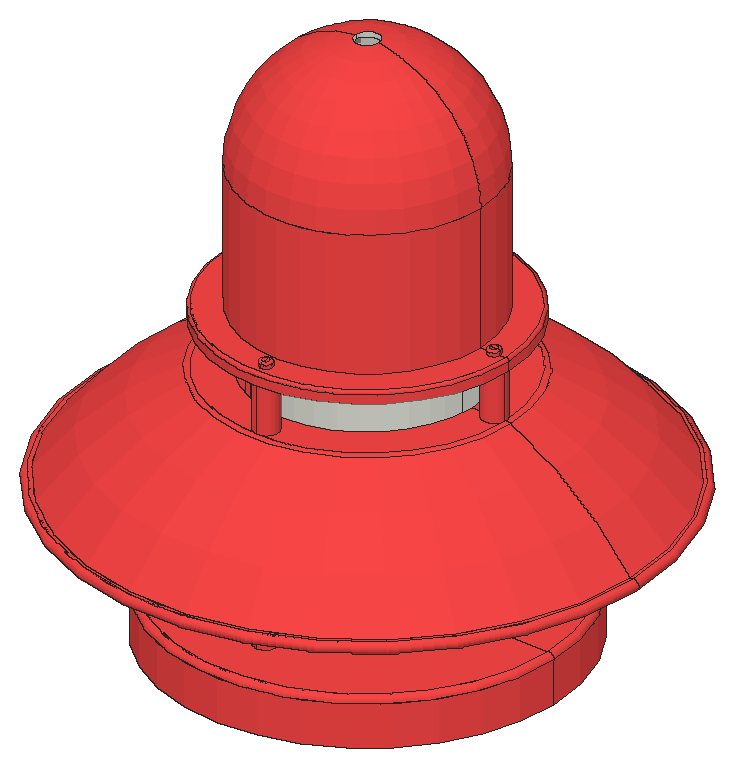
Revit family "LCD12 SHADE", category Lighting Fixtures, Revit 2024
Family settings
  Round Connector Dimension = Use Diameter
  Part Type = Normal
  OmniClass Number = 23.80.70.00
  OmniClass Title = Lighting
  Work Plane-Based = No
  Always vertical = Yes
  Cut with Voids When Loaded = No
  Light Source = Yes
  Maintain Annotation Orientation = No
  Shared = No
  Room Calculation Point = No
Parameters
  Wattage = 12.1178 W
  built-in parameter 1150110 = 1 (stored number, unit not read)
  built-in parameter 1114217 = 1 (stored number, unit not read)
  built-in parameter 1150109 = 1 (stored number, unit not read)
  built-in parameter 1150134 = (empty or 0)
  built-in parameter 1150113 = 1 (stored number, unit not read)
  Lumens = 1800 lm
  built-in parameter 1150115 = 1 (stored number, unit not read)
  built-in parameter 1150105 = 572.96 (stored number, unit not read)
  Light Source Symbol Size = 2' - 0"
  built-in parameter 1150137 = (empty or 0)
  built-in parameter 1150139 = (empty or 0)
  built-in parameter 1150112 = 1 (stored number, unit not read)
  built-in parameter 1150114 = 1 (stored number, unit not read)
  built-in parameter 1150132 = 2
  built-in parameter 1150102 = (empty or 0)
  built-in parameter 1150138 = (empty or 0)
  built-in parameter 1150107 = 3000 (stored number, unit not read)
  built-in parameter 1150106 = 5.7296 (stored number, unit not read)
  built-in parameter 1150104 = 13.8 (stored number, unit not read)
  Dimming Lamp Color Temperature Shift = (empty or 0)
  Default Elevation = 0' - 0"
  Color Filter = 16777215
  built-in parameter 1114218 = 1 (stored number, unit not read)
  built-in parameter 1150133 = 10 (stored number, unit not read)
Reference planes (in)
  plane 1 "Light Source Axis (F/B)": y = 0
  plane 2: z = 0
  plane 3 "Light Source Axis (L/R)": x = 0
  plane 4 "Light Source Elevation": z = 54
Forms (in)
  Revolve 1, solid
    sketch origin (0, 0, 0) x (1, 0, 0) y (0, 0, 1)
      loop
        line (-4.125, 54) -> (-4.03125, 54) -> (-4.03125, 54.875)
        arc (-4.03125, 54.875) -> (-4.0221, 54.8971) -> (-4, 54.90625) r 0.03125
        line (-4, 54.90625) -> (-2.32619, 54.90625) -> (-2.32619, 55) -> (-4, 55)
        arc (-4, 55) -> (-4.08839, 54.96339) -> (-4.125, 54.875) r 0.125
        line (-4.125, 54.875) -> (-4.125, 54)
      loop
        arc (-5.77808, 56.98189) -> (-4.59286, 58.22091) -> (-3.14391, 59.13764) r 7.05949
        arc (-3.14391, 59.13764) -> (-3.10483, 59.15125) -> (-3.06374, 59.15625) r 0.19356
        line (-3.06374, 59.15625) -> (-2.32619, 59.15625) -> (-2.32619, 59.25) -> (-3.06433, 59.25)
        arc (-3.06433, 59.25) -> (-3.12568, 59.24266) -> (-3.18404, 59.22236) r 0.28731
        arc (-3.18404, 59.22236) -> (-4.62357, 58.3168) -> (-5.80864, 57.097) r 7.15324
        line (-5.80864, 57.097) -> (-5.889, 57.097)
        arc (-5.889, 57.097) -> (-5.96893, 56.90898) -> (-5.77808, 56.98189) r 0.111
      loop
        line (-3.125, 60.25) -> (-3.03125, 60.25) -> (-3.03125, 60.40625) -> (-2.40625, 60.40625) -> (-2.40625, 63.25)
        arc (-2.40625, 63.25) -> (-1.78768, 64.86066) -> (-0.25, 65.64323) r 2.40625
        line (-0.25, 65.64323) -> (-0.25, 65.73747)
        arc (-0.25, 65.73747) -> (-1.85405, 64.92705) -> (-2.5, 63.25) r 2.5
        line (-2.5, 63.25) -> (-2.5, 60.5) -> (-3.0625, 60.5)
        arc (-3.0625, 60.5) -> (-3.10669, 60.48169) -> (-3.125, 60.4375) r 0.0625
        line (-3.125, 60.4375) -> (-3.125, 60.25)
      loop
        line (0, 53.75) -> (0, 53.84375)
        arc (0, 53.84375) -> (-1.42219, 54.43284) -> (-2.01128, 55.85503) r 2.01128
        line (-2.01128, 55.85503) -> (-2.01128, 60.35503) -> (-2.10503, 60.35503) -> (-2.10503, 55.85503)
        arc (-2.10503, 55.85503) -> (-1.48848, 54.36655) -> (0, 53.75) r 2.10503
      axis (0, 65.73747) -> (0, 53.75)
    angle from 0 to 360
  Sweep 2, solid
    path origin (0, 0, 0) x (1, 0, 0) y (0, 0, 1)
      loop
        line (-2.80134, 60.40625) -> (-2.80134, 55)
    profile origin (-2.80134, 0, 57.70312) x (0, -1, 0) y (1, 0, 0)
      loop
        circle (0, 0) r 0.25
  Revolve 3, solid
    sketch origin (0, 0, 0) x (1, 0, 0) y (0, 0, 1)
      loop
        line (-2.80134, 60.60489) -> (-2.80134, 60.5) -> (-2.67162, 60.5) -> (-2.67162, 60.56788)
        arc (-2.67162, 60.56788) -> (-2.68694, 60.59441) -> (-2.71573, 60.60489) r 0.0448
        line (-2.71573, 60.60489) -> (-2.80134, 60.60489)
      axis (-2.80134, 60.5) -> (-2.80134, 60.60489)
    angle from 0 to 360
  Sweep 4, solid
    path origin (0, 0, 0) x (0, -1, 0) y (0, 0, 1)
      loop
        line (-2.80134, 60.40625) -> (-2.80134, 55)
    profile origin (0, 2.80134, 57.70312) x (-1, 0, 0) y (0, -1, 0)
      loop
        circle (0, 0) r 0.25
  Revolve 5, solid
    sketch origin (0, 0, 0) x (0, -1, 0) y (0, 0, 1)
      loop
        line (-2.80134, 60.60489) -> (-2.80134, 60.5) -> (-2.67162, 60.5) -> (-2.67162, 60.56788)
        arc (-2.67162, 60.56788) -> (-2.68694, 60.59441) -> (-2.71573, 60.60489) r 0.0448
        line (-2.71573, 60.60489) -> (-2.80134, 60.60489)
      axis (-2.80134, 60.5) -> (-2.80134, 60.60489)
    angle from 0 to 360
  Sweep 6, solid
    path origin (0, 0, 0) x (0, 1, 0) y (0, 0, 1)
      loop
        line (-2.80134, 60.40625) -> (-2.80134, 55)
    profile origin (0, -2.80134, 57.70312) x (1, 0, 0) y (0, 1, 0)
      loop
        circle (0, 0) r 0.25
  Revolve 7, solid
    sketch origin (0, 0, 0) x (0, 1, 0) y (0, 0, 1)
      loop
        line (-2.80134, 60.60489) -> (-2.80134, 60.5) -> (-2.67162, 60.5) -> (-2.67162, 60.56788)
        arc (-2.67162, 60.56788) -> (-2.68694, 60.59441) -> (-2.71573, 60.60489) r 0.0448
        line (-2.71573, 60.60489) -> (-2.80134, 60.60489)
      axis (-2.80134, 60.5) -> (-2.80134, 60.60489)
    angle from 0 to 360
  Sweep 8, solid
    path origin (0, 0, 0) x (-1, 0, 0) y (0, 0, 1)
      loop
        line (-2.80134, 60.40625) -> (-2.80134, 55)
    profile origin (2.80134, 0, 57.70312) x (0, 1, 0) y (-1, 0, 0)
      loop
        circle (0, 0) r 0.25
  Revolve 9, solid
    sketch origin (0, 0, 0) x (-1, 0, 0) y (0, 0, 1)
      loop
        line (-2.80134, 60.60489) -> (-2.80134, 60.5) -> (-2.67162, 60.5) -> (-2.67162, 60.56788)
        arc (-2.67162, 60.56788) -> (-2.68694, 60.59441) -> (-2.71573, 60.60489) r 0.0448
        line (-2.71573, 60.60489) -> (-2.80134, 60.60489)
      axis (-2.80134, 60.5) -> (-2.80134, 60.60489)
    angle from 0 to 360
Dimensions and locks (in)
  aligned and locked: plane 3 "Light Source Axis (L/R)" to imposter light
  aligned and locked: plane 1 "Light Source Axis (F/B)" to imposter light
  aligned and locked: plane 4 "Light Source Elevation" to imposter light
  aligned and locked: level to plane 2
